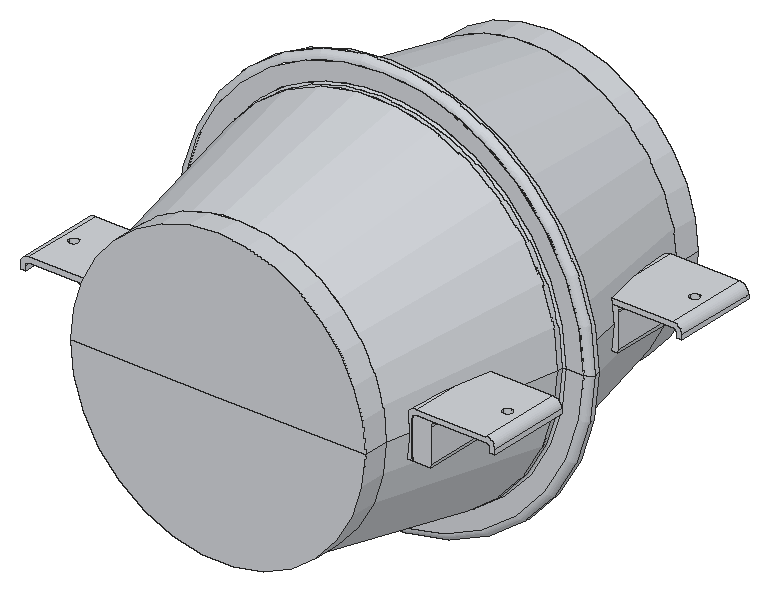
Revit family "FY-28DSM", category Mechanical Equipment, Revit 2024
Family settings
  Round Connector Dimension = Use Diameter
  Part Type = Normal
  OmniClass Number = 23.75.00.00
  OmniClass Title = Climate Control (HVAC)
  Work Plane-Based = No
  Always vertical = Yes
  Cut with Voids When Loaded = No
  Maintain Annotation Orientation = No
  Shared = No
  Room Calculation Point = No
Parameters
  Default Elevation = 0 mm
Reference planes
  plane 1 "Center (Front/Back)": y = 0
  plane 2: z = 0
  plane 3 "Center (Left/Right)": x = 0
  plane 4 "1": y = 175
  plane 5 "2": y = -175
Forms (mm)
  Revolve 1, solid
    sketch origin (0, 0, 0) x (1, 0, 0) y (0, 1, 0)
      loop
        line (0, 175) -> (0, -175) -> (124, -175) -> (124, -153) -> (152.5, -7.639) -> (152.5, -3.6)
        arc (152.5, -3.6) -> (152.943, -2.345) -> (154.075, -1.646) r 2
        line (154.075, -1.646) -> (169.24, -1.646)
        arc (169.24, -1.646) -> (173.313, 0.041) -> (175, 4.114) r 5.76
        line (175, 4.114) -> (175, 6.857) -> (152.5, 6.857) -> (152.5, 14.639) -> (124, 153) -> (124, 175) -> (0, 175)
      axis (0, 175) -> (0, -175)
    angle from 0 to 360
  Extrusion 2, solid
    sketch origin (0, 0, 0) x (1, 0, 0) y (0, 0, 1)
      loop
        line (-126.699, -20) -> (-126.054, -17.257) -> (-126.053, 11.519)
        arc (-126.053, 11.519) -> (-128.554, 17.52) -> (-134.563, 20) r 8.503
        line (-134.563, 20) -> (-192.594, 20)
        arc (-192.594, 20) -> (-197.832, 17.83) -> (-200, 12.59) r 7.406
        line (-200, 12.59) -> (-200, 9.029) -> (-195.611, 9.029) -> (-195.611, 12.869)
        arc (-195.611, 12.869) -> (-194.811, 14.805) -> (-192.877, 15.611) r 2.743
        line (-192.877, 15.611) -> (-134.712, 15.611)
        arc (-134.712, 15.611) -> (-131.617, 14.339) -> (-130.319, 11.254) r 4.389
        line (-130.319, 11.254) -> (-130.319, -17.255) -> (-130.964, -20) -> (-126.699, -20)
    from 63.5 to 133.5
  Extrusion 3, solid
    sketch origin (0, 0, 0) x (-1, 0, 0) y (0, 0, -1)
      loop
        line (-126.699, 20) -> (-130.964, 20) -> (-130.319, 17.255) -> (-130.319, -11.254)
        arc (-130.319, -11.254) -> (-131.617, -14.339) -> (-134.712, -15.611) r 4.389
        line (-134.712, -15.611) -> (-192.877, -15.611)
        arc (-192.877, -15.611) -> (-194.811, -14.805) -> (-195.611, -12.869) r 2.743
        line (-195.611, -12.869) -> (-195.611, -9.029) -> (-200, -9.029) -> (-200, -12.59)
        arc (-200, -12.59) -> (-197.832, -17.83) -> (-192.594, -20) r 7.406
        line (-192.594, -20) -> (-134.563, -20)
        arc (-134.563, -20) -> (-128.554, -17.52) -> (-126.053, -11.519) r 8.503
        line (-126.053, -11.519) -> (-126.054, 17.257) -> (-126.699, 20)
    from 63.5 to 133.5
  Extrusion 4, solid
    sketch origin (0, 0, 0) x (1, 0, 0) y (0, 0, -1)
      loop
        line (-126.699, 20) -> (-130.964, 20) -> (-130.319, 17.255) -> (-130.319, -11.254)
        arc (-130.319, -11.254) -> (-131.617, -14.339) -> (-134.712, -15.611) r 4.389
        line (-134.712, -15.611) -> (-192.877, -15.611)
        arc (-192.877, -15.611) -> (-194.811, -14.805) -> (-195.611, -12.869) r 2.743
        line (-195.611, -12.869) -> (-195.611, -9.029) -> (-200, -9.029) -> (-200, -12.59)
        arc (-200, -12.59) -> (-197.832, -17.83) -> (-192.594, -20) r 7.406
        line (-192.594, -20) -> (-134.563, -20)
        arc (-134.563, -20) -> (-128.554, -17.52) -> (-126.053, -11.519) r 8.503
        line (-126.053, -11.519) -> (-126.054, 17.257) -> (-126.699, 20)
    from 63.5 to 133.5
  Extrusion 5, solid
    sketch origin (0, 0, 0) x (-1, 0, 0) y (0, 0, 1)
      loop
        line (-126.699, -20) -> (-126.054, -17.257) -> (-126.053, 11.519)
        arc (-126.053, 11.519) -> (-128.554, 17.52) -> (-134.563, 20) r 8.503
        line (-134.563, 20) -> (-192.594, 20)
        arc (-192.594, 20) -> (-197.832, 17.83) -> (-200, 12.59) r 7.406
        line (-200, 12.59) -> (-200, 9.029) -> (-195.611, 9.029) -> (-195.611, 12.869)
        arc (-195.611, 12.869) -> (-194.811, 14.805) -> (-192.877, 15.611) r 2.743
        line (-192.877, 15.611) -> (-134.712, 15.611)
        arc (-134.712, 15.611) -> (-131.617, 14.339) -> (-130.319, 11.254) r 4.389
        line (-130.319, 11.254) -> (-130.319, -17.255) -> (-130.964, -20) -> (-126.699, -20)
    from 63.5 to 133.5
  Extrusion 6, solid
    sketch origin (0, 0, 0) x (-1, 0, 0) y (0, 0, -1)
      loop
        arc (151.297, -15.611) -> (148.193, -14.326) -> (146.908, -11.223) r 4.389
        line (146.908, -11.223) -> (146.908, 17.252) -> (146.263, 20) -> (130.964, 20) -> (130.319, 17.255) -> (130.319, -11.254)
        arc (130.319, -11.254) -> (131.617, -14.339) -> (134.712, -15.611) r 4.389
        line (134.712, -15.611) -> (151.297, -15.611)
    from 63.5 to 133.5
  Extrusion 7, solid
    sketch origin (0, 0, 0) x (1, 0, 0) y (0, 0, 1)
      loop
        line (151.297, 15.611) -> (134.712, 15.611)
        arc (134.712, 15.611) -> (131.617, 14.339) -> (130.319, 11.254) r 4.389
        line (130.319, 11.254) -> (130.319, -17.255) -> (130.964, -20) -> (146.263, -20) -> (146.908, -17.252) -> (146.908, 11.223)
        arc (146.908, 11.223) -> (148.193, 14.326) -> (151.297, 15.611) r 4.389
    from 63.5 to 133.5
  Extrusion 8, solid
    sketch origin (0, 0, 0) x (-1, 0, 0) y (0, 0, 1)
      loop
        line (151.297, 15.611) -> (134.712, 15.611)
        arc (134.712, 15.611) -> (131.617, 14.339) -> (130.319, 11.254) r 4.389
        line (130.319, 11.254) -> (130.319, -17.255) -> (130.964, -20) -> (146.263, -20) -> (146.908, -17.252) -> (146.908, 11.223)
        arc (146.908, 11.223) -> (148.193, 14.326) -> (151.297, 15.611) r 4.389
    from 63.5 to 133.5
  Extrusion 9, solid
    sketch origin (0, 0, 0) x (1, 0, 0) y (0, 0, -1)
      loop
        arc (151.297, -15.611) -> (148.193, -14.326) -> (146.908, -11.223) r 4.389
        line (146.908, -11.223) -> (146.908, 17.252) -> (146.263, 20) -> (130.964, 20) -> (130.319, 17.255) -> (130.319, -11.254)
        arc (130.319, -11.254) -> (131.617, -14.339) -> (134.712, -15.611) r 4.389
        line (134.712, -15.611) -> (151.297, -15.611)
    from 63.5 to 133.5
  Extrusion 10, void
    sketch origin (0, 0, 0) x (1, 0, 0) y (0, 1, 0)
      loop
        circle (-183, 98.5) r 4
    from 15.611 to 20
  Extrusion 11, void
    sketch origin (0, 0, 0) x (-1, 0, 0) y (0, -1, 0)
      loop
        circle (-183, -98.5) r 4
    from 15.611 to 20
  Extrusion 12, void
    sketch origin (0, 0, 0) x (1, 0, 0) y (0, 1, 0)
      loop
        circle (-183, -98.5) r 4
    from 15.611 to 20
  Extrusion 13, void
    sketch origin (0, 0, 0) x (-1, 0, 0) y (0, -1, 0)
      loop
        circle (-183, 98.5) r 4
    from 15.611 to 20
Cuts and joins
  Extrusion 10, Extrusion 11, Extrusion 12 cuts Extrusion 4
  Extrusion 11, Extrusion 13 cuts Extrusion 5
  Extrusion 13 cuts Extrusion 3
  Extrusion 12 cuts Extrusion 2
Dimensions and locks
  aligned and locked: level to plane 2
Connectors
  hvac at (0, 175, 0)
    settings: index 1, duct flow 0.0 L/s, flow factor 0, pres drop 0.0 Pa, loss coef 0, conn angle 0.00°, conn width 304.8 mm, conn height 304.8 mm, conn diameter 250 mm, duct sys type 3, conn prof type 0, flow config 0, flow direction 0, loss method 0, conn ref index -1, conn util no, is conn primary yes, conn desc ""
  hvac at (0, -175, 0)
    settings: index 2, duct flow 0.0 L/s, flow factor 0, pres drop 0.0 Pa, loss coef 0, conn angle 0.00°, conn width 304.8 mm, conn height 304.8 mm, conn diameter 250 mm, duct sys type 3, conn prof type 0, flow config 0, flow direction 0, loss method 0, conn ref index -1, conn util no, is conn primary no, conn desc ""
